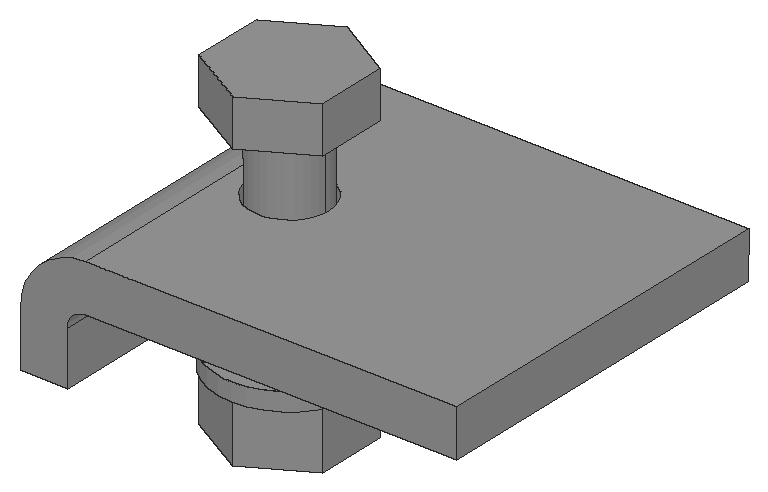
Revit family "Klemmlasche", category Generic Models, Revit 2015
Parameters (values of type "KL1 10 S FT")
  URL = "http://www.obo-bettermann.com"
  Material = Hot-dip galvanised
  Manufacturer Art.No. = "6354106"
  Manufacturer = "OBO Bettermann"
  Length = 23.5 mm
  Height = 16.5 mm
  GTIN = "4012196194292"
  Article Type = "KL1 10 S FT"
Types (4, lengths in mm): name | Manufacturer Art.No. | Length | Height | GTIN | Article Type
  (no name) | "6354106" | 23.5 | 16.5 | "4012196194292" | "KL1 10 S FT"
  KL1 10 S FT | "6354106" | 23.5 | 16.5 | "4012196194292" | "KL1 10 S FT"
  KL1 15 S FT | "6354114" | 33.5 | 21.5 | "4012196194353" | "KL1 15 S FT"
  KL1 20 S FT | "6354122" | 33.5 | 26.5 | "4012196194414" | "KL1 20 S FT"
Reference planes
  plane 1 "Center (Front/Back)": y = 0
  plane 2: z = 0
  plane 3 "Center (Left/Right)": x = 0
  plane 4: y = 25
  plane 5: y = -25
  plane 6: x = -43
  plane 7: z = 16.5
  plane 8: z = -23.5
  plane 9: x = -43
  plane 10: z = 22.933
  plane 11: x = -43
  plane 12: z = -12.042
  plane 13: z = -14.5
  plane 14: x = -43
  plane 15: z = -22.5
Forms (mm)
  Extrusion 1, solid, material "Hot-dip galvanised" <- "Material"
    sketch origin (0, 0, 0) x (1, 0, 0) y (0, 0, 1)
      loop
        line (0, 0) -> (0, 6.5) -> (-50.992, 6.5)
        arc (-50.992, 6.5) -> (-57.362, 3.862) -> (-60, -2.508) r 9.008
        line (-60, -2.508) -> (-60, -10) -> (-53.5, -10) -> (-53.5, -2.543)
        arc (-53.5, -2.543) -> (-52.755, -0.745) -> (-50.957, 0) r 2.543
        line (-50.957, 0) -> (0, 0)
    from -25 to 25
  Extrusion 2, void
    sketch origin (0, 0, 0) x (1, 0, 0) y (0, 1, 0)
      loop
        circle (-43, 0) r 5.507
    from 0 to 6.5
  Extrusion 3, solid, material "Hot-dip galvanised" <- "Material"
    sketch origin (0, 0, 0) x (1, 0, 0) y (0, 1, 0)
      loop
        circle (-43, 0) r 5
    from -23.5 to 16.5
  Extrusion 4, solid, material "Hot-dip galvanised" <- "Material"
    sketch origin (0, 0, 0) x (1, 0, 0) y (0, 1, 0)
      loop
        line (-34.486, 4.916) -> (-43, 9.831) -> (-51.514, 4.916) -> (-51.514, -4.916) -> (-43, -9.831) -> (-34.486, -4.916) -> (-34.486, 4.916)
    from 16.5 to 22.933
  Extrusion 5, solid, material "Hot-dip galvanised" <- "Material"
    sketch origin (0, 0, 0) x (1, 0, 0) y (0, 1, 0)
      loop
        circle (-43, 0) r 5.085
      loop
        circle (-43, 0) r 10
    from -14.5 to -12.042
  Extrusion 6, solid, material "Hot-dip galvanised" <- "Material"
    sketch origin (0, 0, 0) x (1, 0, 0) y (0, 1, 0)
      loop
        line (-34.486, 4.916) -> (-43, 9.831) -> (-51.514, 4.916) -> (-51.514, -4.916) -> (-43, -9.831) -> (-34.486, -4.916) -> (-34.486, 4.916)
      loop
        circle (-43, 0) r 5.085
    from -22.5 to -14.5
Cuts and joins
  Extrusion 2 cuts Extrusion 1
Dimensions and locks
  locked: Extrusion 1 sketch curve to Extrusion 1 sketch curve at 6.5  (x2)
  locked: Extrusion 1 sketch curve to Extrusion 1 sketch curve at 60
  "Height": Extrusion 1 sketch curve to Extrusion 1 sketch curve
  locked: plane 4 to plane 5 at 50
  locked: plane 4 to plane 1 "Center (Front/Back)" at 25
  locked: Extrusion 1 to Extrusion 2 sketch curve at 25
  locked: Extrusion 2 sketch curve to plane 3 "Center (Left/Right)" at 43
  locked: cut or joined group of Extrusion 1, Extrusion 2 to Extrusion 3 sketch curve at 25
  locked: Extrusion 3 sketch curve to cut or joined group of Extrusion 1, Extrusion 2 at 43
  locked: cut or joined group of Extrusion 1, Extrusion 2 to Extrusion 5 sketch curve at 25  (x2)
  locked: Extrusion 5 sketch curve to cut or joined group of Extrusion 1, Extrusion 2 at 43  (x2)
  locked: plane 7 to cut or joined group of Extrusion 1, Extrusion 2 at 10
  locked: plane 10 to plane 7 at 6.433
  "Length": level to plane 8
  locked: plane 15 to plane 8 at 1
  locked: plane 13 to plane 15 at 8
  locked: plane 12 to plane 13 at 2.458
  radius of Extrusion 2 sketch curve = 5.507 mm
  radius of Extrusion 1 sketch curve = 2.543 mm
  radius of Extrusion 1 sketch curve = 9.008 mm
  radius of Extrusion 3 sketch curve = 5 mm
  aligned and locked: level to plane 2
  aligned and locked: level to Extrusion 1 sketch curve
  aligned and locked: Extrusion 1 sketch curve to plane 3 "Center (Left/Right)"
  aligned and locked: plane 4 to Extrusion 1
  aligned and locked: Extrusion 1 to plane 5
  aligned and locked: Extrusion 2 to level
  aligned and locked: Extrusion 1 to Extrusion 2
  aligned and locked: Extrusion 3 to plane 8
  aligned and locked: Extrusion 4 to Extrusion 3
  aligned and locked: plane 10 to Extrusion 4
  aligned and locked: Extrusion 5 to plane 13
  aligned and locked: Extrusion 6 to Extrusion 5
  aligned and locked: plane 12 to Extrusion 5
  aligned and locked: Extrusion 6 to plane 15
Automatic sketch dimensions
  Extrusion 6 sketch curve to plane 14 = 0 mm  (x3)
  plane 1 "Center (Front/Back)" to Extrusion 6 sketch curve = 0 mm
  plane 14 to Extrusion 6 sketch curve = 8.514 mm
  Extrusion 6 sketch curve to plane 14 = 8.514 mm
  plane 1 "Center (Front/Back)" to Extrusion 6 sketch curve = 4.916 mm  (x2)
  Extrusion 6 sketch curve to Extrusion 6 sketch curve = 4.916 mm  (x2)
  Extrusion 6 sketch curve to plane 1 "Center (Front/Back)" = 4.916 mm  (x2)
  radius of Extrusion 5 sketch curve = 5.085 mm
  radius of Extrusion 5 sketch curve = 10 mm
  radius of Extrusion 6 sketch curve = 5.085 mm
